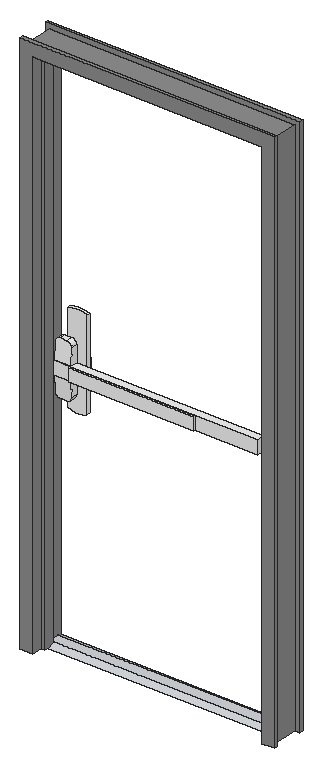
Revit family "Door-Exterior-Single-Two_Lite", category Doors, host Wall, Revit 2026
Family settings
  Host = Wall
  Always vertical = Yes
  Cut with Voids When Loaded = No
  Shared = No
  Room Calculation Point = No
Parameters (values of type "36" x 84"")
  pull side [instance] = PULL SIDE UPDATED : FRONT APPROACH
  pUSH SIDE [instance] = PUSH SIDE UPDATED : FRONT APPROACH - NEW BUILDINGS
  Visual Light Transmittance = 0
  Top Rail = 6"
  Threshold Offset [instance] = if(Threshold, 1/2", 0")  # 1/2"
  Threshold Material = none
  Threshold Length [instance] = if(Masonry Frame, Width + 4", Width)  # 36"
  Thickness = 1 3/4"
  Thermal Resistance (R) = 1.3794 (h·ft²·°F)/BTU
  Swing Angle [instance] = 90.00°
  Strike Height = 40"
  Stiles = 6"
  Solar Heat Gain Coefficient = 0
  Rough Width [instance] = Width + MFOpeningWidth  # 38 1/2"
  Rough Height [instance] = Height + MFOpeningHeight  # 85 1/4"
  Panic Bar Material = Metal - Stainless Steel
  Panel Material = Metal - Painted - Grey
  Masonry Frame [instance] = no
  MFOpeningHeight [instance] = if(Masonry Frame, 4", 1 1/4")  # 1 1/4"
  MFOpeningWidth [instance] = if(Masonry Frame, 4", 2 1/2")  # 2 1/2"
  Lock Rail = 7 1/2"
  Latch [instance] = no
  Interior Hardware [instance] = Panic Bar : Standard
  Heat Transfer Coefficient (U) = 0.7250 BTU/(h·ft²·°F)
  Glass Thickness = 3/4"
  Glass Stop Material = Metal - Painted - Grey
  Function = Exterior
  Exterior Pull Material = Metal - Stainless Steel
  Inset Calculate [instance] = if(Masonry Frame, Masonry Inset + 3", 3")  # 3"
  Masonry Inset [instance] = 1"
  Height = 84"
  Wall Closure = By host
  Width = 36"
  Frame Material = Metal - Painted - Grey
  Masonry Frame Depth = 5 3/4"
  Threshold [instance] = yes
  Exterior Hardware [instance] = Exterior Pull : With Lock
  Dry Wall Frame [instance] = not(Masonry Frame)  # yes
  Define Thermal Properties by = Schematic Type
  Closer [instance] = no
  Clearances [instance] = yes
  Bottom Rail = 10"
  Analytic Construction = "Metal frame, double glass door"
Reference planes (in)
  plane 1 "Center (Front/Back)": y = 0
  plane 2 "Center (Left/Right)": x = 0
  plane 3 "Left": x = -19.25
  plane 4 "Right": x = 19.25
  plane 5 "Top": z = 85.25
  plane 6 "Exterior": y = 2.5
  plane 7 "Interior": y = -2
  plane 8 "Door Panel Right": x = -18
  plane 9 "Door Panel Left": x = 18
  plane 10 "Top Of Panel": z = 84
  plane 11: z = 0
  plane 12 "Door Back": y = 0.75
  plane 13: z = 40
  plane 14 "Door Front": y = 2.5
  plane 15: y = -3.25
  plane 16: y = 0.5625
  plane 17: x = -17.375
  plane 18: y = -1.3125
  plane 19: z = 83.25
  plane 20: y = 5.5
  plane 21: z = 86
  plane 22: x = 18
  plane 23: x = 20
  plane 24: y = 3
  plane 25: y = -2.5
  plane 26: x = 17.375
  plane 27: y = 0.5625
  plane 28: y = -0.9375
  plane 29: z = 78
  plane 30: z = 43.75
  plane 31: x = -12
  plane 32: x = 12
  plane 33: z = 36.25
  plane 34: z = 10
  plane 35: y = 1.25
  plane 36: y = 2
  plane 37 "Glass": y = 1.625
  plane 38: z = 0.5
  plane 39: x = -15
  plane 40: z = 42.25
Forms (in)
  Sweep 1, solid, material "Metal - Painted - Grey" <- "Frame Material", visible <- "Masonry Frame"
    path origin (0, 2.5, 0) x (1, 0, 0) y (0, 0, 1)
      loop
        line (19.25, 0) -> (19.25, 86) -> (-19.25, 86) -> (-19.25, 0)
    profile origin (-19.25, 2.5, 43) x (0, -1, 0) y (1, 0, 0)
      loop
        line (0, 1.25) -> (0, 0) -> (5.75, 0) -> (5.75, 1.25) -> (3.8125, 1.25) -> (3.8125, 1.875) -> (1.9375, 1.875) -> (1.9375, 1.25) -> (0, 1.25)
  Extrusion 2, solid, material "Metal - Painted - Grey" <- "Frame Material", visible <- "Masonry Frame"
    sketch origin (0, 0, 0) x (0, 1, 0) y (0, 0, 1)
      loop
        line (2.5, 85.25) -> (-3.25, 85.25) -> (-3.25, 83.25) -> (2.5, 83.25) -> (2.5, 85.25)
    from -19.25 to 19.25
  Sweep 3, solid, material "Metal - Painted - Grey" <- "Frame Material", visible <- "Dry Wall Frame"
    path origin (0, 2.5, 0) x (1, 0, 0) y (0, 0, 1)
      loop
        line (19.25, 0) -> (19.25, 85.25) -> (-19.25, 85.25) -> (-19.25, 0)
    profile origin (19.25, 2.5, 42.625) x (-1, 0, 0) y (0, -1, 0)
      loop
        line (-0.75, -0.5) -> (1.25, -0.5) -> (1.25, 1.9375) -> (1.875, 1.9375) -> (1.875, 3.4375) -> (1.25, 3.4375) -> (1.25, 5) -> (-0.75, 5) -> (-0.75, 4.5) -> (0, 4.5) -> (0, 0) -> (-0.75, 0) -> (-0.75, -0.5)
Cuts and joins
  joined: Sweep 1, Extrusion 2
Lines and regions (in)
  Opening 1
    outline origin (-90, -2, 0) x (1, 0, 0) y (0, 0, 1)
      loop
        line (70.75, 0) -> (109.25, 0) -> (109.25, 85.25) -> (70.75, 85.25) -> (70.75, 0)
  Masking region 1, visible <- "Masonry Frame", detail levels coarse+medium
    outline origin (0, 0, 0) x (1, 0, 0) y (0, 1, 0)
      loop
        line (-19.25, 2.5) -> (-19.25, -3.25) -> (-18, -3.25) -> (-18, 2.5) -> (-19.25, 2.5)
      loop
        line (19.25, 2.5) -> (18, 2.5) -> (18, -3.25) -> (19.25, -3.25) -> (19.25, 2.5)
  Masking region 2, visible <- "Masonry Frame", detail levels fine
    outline origin (0, 0, 0) x (1, 0, 0) y (0, 1, 0)
      loop
        line (-19.25, 2.5) -> (-19.25, -3.25) -> (-18, -3.25) -> (-18, -1.3125) -> (-17.375, -1.3125) -> (-17.375, 0.5625) -> (-18, 0.5625) -> (-18, 2.5) -> (-19.25, 2.5)
      loop
        line (19.25, 2.5) -> (18, 2.5) -> (18, 0.5625) -> (17.375, 0.5625) -> (17.375, -1.3125) -> (18, -1.3125) -> (18, -3.25) -> (19.25, -3.25) -> (19.25, 2.5)
  Masking region 3, visible <- "Dry Wall Frame", detail levels coarse+medium
    outline origin (0, 0, 0) x (1, 0, 0) y (0, 1, 0)
      loop
        line (18, -2) -> (19.25, -2) -> (19.25, 2.5) -> (18, 2.5) -> (18, -2)
      loop
        line (-19.25, 2.5) -> (-19.25, -2) -> (-18, -2) -> (-18, 2.5) -> (-19.25, 2.5)
  Masking region 4, visible <- "Dry Wall Frame", detail levels fine
    outline origin (0, 0, 0) x (1, 0, 0) y (0, 1, 0)
      loop
        line (-20, 3) -> (-20, 2.5) -> (-19.25, 2.5) -> (-19.25, -2) -> (-20, -2) -> (-20, -2.5) -> (-18, -2.5) -> (-18, -0.9375) -> (-17.375, -0.9375) -> (-17.375, 0.5625) -> (-18, 0.5625) -> (-18, 3) -> (-20, 3)
      loop
        line (20, 2.5) -> (20, 3) -> (18, 3) -> (18, 0.5625) -> (17.375, 0.5625) -> (17.375, -0.9375) -> (18, -0.9375) -> (18, -2.5) -> (20, -2.5) -> (20, -2) -> (19.25, -2) -> (19.25, 2.5) -> (20, 2.5)
  symbolic lines, style "Elevation Swing"
    curve 1: line (-18, 2.5, 84) -> (18, 2.5, 42.25)
    curve 2: line (-18, 2.5, 0.5) -> (18, 2.5, 42.25)
  symbolic lines, style "DoorsGlassProjection"
    curve 3: line (0, 1.625, 78) -> (0, 1.625, 43.75)
    curve 4: line (0, 1.625, 36.25) -> (0, 1.625, 10)
Text (in)
  text "Exterior" at (-74.96733, 27.31104, 0), in view "Ref. Level"
  text "Interior" at (-74.96733, -25.14366, 0), in view "Ref. Level"
  text "Exterior" at (0, 40.15149, 123.01588), in view "Right"
  text "Interior" at (0, -64.39139, 123.01588), in view "Right"
  text "Interior" at (0, -31.01599, 123.00693), in view "Left"
  text "Exterior" at (0, 54.57065, 123.00693), in view "Left"
Dimensions and locks (in)
  equal spacing: plane 3 "Left", plane 2 "Center (Left/Right)", plane 4 "Right"
  "Rough Height": level to plane 5 "Top"
  equal spacing: plane 8 "Door Panel Right", plane 2 "Center (Left/Right)", plane 9 "Door Panel Left"
  "Width": plane 8 "Door Panel Right" to plane 9 "Door Panel Left"
  "Height": level to plane 10 "Top Of Panel"
  "Rough Width": plane 3 "Left" to plane 4 "Right"
  "Thickness": plane 14 "Door Front" to plane 12 "Door Back"
  "Masonry Frame Depth": plane 14 "Door Front" to plane 15
  locked: plane 12 "Door Back" to plane 16 at 0.1875
  locked: plane 15 to plane 18 at 1.9375
  locked: plane 8 "Door Panel Right" to plane 17 at 0.625
  locked: plane 19 to plane 5 "Top" at 2
  locked: plane 6 "Exterior" to plane 20 at 3
  "Inset Calculate": plane 20 to plane 14 "Door Front"
  locked: plane 10 "Top Of Panel" to plane 21 at 2
  locked: plane 4 "Right" to plane 23 at 0.75
  locked: plane 6 "Exterior" to plane 24 at 0.5
  locked: plane 25 to plane 7 "Interior" at 0.5
  locked: plane 22 to plane 23 at 2
  plane 12 "Door Back" to plane 27 to plane 28 = 3/16" locked, 1 1/2" locked
  locked: plane 26 to plane 22 at 0.625
  "Strike Height": plane 11 to plane 13
  "Top Rail": plane 29 to plane 10 "Top Of Panel"
  "Stiles": plane 8 "Door Panel Right" to plane 31
  "Stiles": plane 32 to plane 9 "Door Panel Left"
  "Lock Rail": plane 33 to plane 30
  equal spacing: plane 33, plane 13, plane 30
  "Bottom Rail": plane 11 to plane 34
  equal spacing: plane 14 "Door Front", plane 37 "Glass", plane 12 "Door Back"
  plane 36 to plane 37 "Glass" to plane 35 = 3/8" locked, 3/8" locked
  "Threshold Offset": plane 11 to plane 38
  locked: plane 8 "Door Panel Right" to plane 39 at 3
  equal spacing: plane 10 "Top Of Panel", plane 40, plane 38
  aligned and locked: plane 3 "Left" to Opening 1 sketch curve
  aligned and locked: plane 5 "Top" to Opening 1 sketch curve  (x2)
  aligned and locked: Opening 1 sketch curve to plane 4 "Right"
  aligned and locked: Opening 1 sketch curve to level
  aligned and locked: plane 6 "Exterior" to host wall
  aligned and locked: plane 7 "Interior" to host wall
  aligned and locked: plane 11 to level
  aligned and locked: nested 1 to plane 9 "Door Panel Left"
  aligned and locked: nested 1 to plane 14 "Door Front"
  aligned and locked: Sweep 1 sketch curve to plane 3 "Left"  (x2)
  aligned and locked: plane 11 to Sweep 1 sketch curve  (x2)
  aligned and locked: plane 17 to Sweep 1 sketch curve
  aligned and locked: plane 8 "Door Panel Right" to Sweep 1 sketch curve  (x2)
  aligned and locked: plane 16 to Sweep 1 sketch curve
  aligned and locked: Sweep 1 sketch curve to plane 18
  aligned and locked: Sweep 1 sketch curve to plane 15
  aligned and locked: Sweep 1 sketch curve to plane 14 "Door Front"
  aligned and locked: Sweep 1 sketch curve to plane 4 "Right"
  aligned and locked: plane 5 "Top" to Extrusion 2 sketch curve
  aligned and locked: Extrusion 2 sketch curve to plane 15
  aligned and locked: Extrusion 2 sketch curve to plane 14 "Door Front"
  aligned and locked: plane 19 to Extrusion 2 sketch curve
  aligned and locked: cut or joined group of Sweep 1, Extrusion 2 to plane 4 "Right"
  aligned and locked: plane 3 "Left" to cut or joined group of Sweep 1, Extrusion 2
  aligned and locked: Masking region 1 sketch curve to plane 14 "Door Front"
  aligned and locked: plane 8 "Door Panel Right" to Masking region 1 sketch curve
  aligned and locked: Masking region 1 sketch curve to plane 15
  aligned and locked: Masking region 1 sketch curve to plane 3 "Left"
  aligned and locked: plane 14 "Door Front" to Masking region 1 sketch curve
  aligned and locked: Masking region 1 sketch curve to plane 4 "Right"
  aligned and locked: plane 9 "Door Panel Left" to Masking region 1 sketch curve
  aligned and locked: plane 15 to Masking region 1 sketch curve
  aligned and locked: Masking region 2 sketch curve to plane 3 "Left"
  aligned and locked: Masking region 2 sketch curve to plane 15
  aligned and locked: plane 8 "Door Panel Right" to Masking region 2 sketch curve  (x2)
  aligned and locked: Masking region 2 sketch curve to plane 14 "Door Front"
  aligned and locked: Masking region 2 sketch curve to cut or joined group of Sweep 1, Extrusion 2  (x4)
  aligned and locked: plane 14 "Door Front" to Masking region 2 sketch curve
  aligned and locked: Masking region 2 sketch curve to plane 4 "Right"
  aligned and locked: plane 9 "Door Panel Left" to Masking region 2 sketch curve  (x2)
  aligned and locked: plane 15 to Masking region 2 sketch curve
  aligned and locked: cut or joined group of Sweep 1, Extrusion 2 to Masking region 2 sketch curve  (x2)
  aligned and locked: plane 21 to Sweep 1 sketch curve
  aligned and locked: plane 4 "Right" to Sweep 3 sketch curve
  aligned and locked: Sweep 3 sketch curve to plane 3 "Left"
  aligned and locked: plane 23 to Sweep 3 sketch curve  (x2)
  aligned and locked: Sweep 3 sketch curve to plane 7 "Interior"
  aligned and locked: Sweep 3 sketch curve to plane 25
  aligned and locked: Sweep 3 sketch curve to plane 22  (x2)
  aligned and locked: Sweep 3 sketch curve to plane 28
  aligned and locked: plane 26 to Sweep 3 sketch curve
  aligned and locked: plane 27 to Sweep 3 sketch curve
  aligned and locked: Sweep 3 sketch curve to plane 24
  aligned and locked: plane 6 "Exterior" to Sweep 3 sketch curve
  aligned and locked: Sweep 3 sketch curve to plane 4 "Right"
  aligned and locked: plane 5 "Top" to Sweep 3 sketch curve
  aligned and locked: Masking region 3 sketch curve to plane 6 "Exterior"
  aligned and locked: plane 7 "Interior" to Masking region 3 sketch curve
  aligned and locked: Masking region 3 sketch curve to plane 4 "Right"
  aligned and locked: Masking region 3 sketch curve to Sweep 3  (x2)
  aligned and locked: plane 6 "Exterior" to Masking region 3 sketch curve
  aligned and locked: Masking region 3 sketch curve to plane 3 "Left"
  aligned and locked: Masking region 3 sketch curve to plane 7 "Interior"
  aligned and locked: Masking region 4 sketch curve to plane 3 "Left"
  aligned and locked: Masking region 4 sketch curve to Sweep 3  (x13)
  aligned and locked: Masking region 4 sketch curve to plane 6 "Exterior"
  aligned and locked: plane 7 "Interior" to Masking region 4 sketch curve
  aligned and locked: Masking region 4 sketch curve to plane 4 "Right"
  aligned and locked: Masking region 4 sketch curve to plane 7 "Interior"
  aligned and locked: Sweep 3 to Masking region 4 sketch curve  (x5)
  aligned and locked: plane 6 "Exterior" to Masking region 4 sketch curve
  aligned and locked: plane 11 to Sweep 3 sketch curve  (x2)
  aligned and locked: plane 13 to nested 2
  aligned and locked: nested 2 to plane 39
  aligned and locked: nested 2 to plane 14 "Door Front"
  aligned and locked: plane 13 to nested 3
  aligned and locked: nested 3 to plane 12 "Door Back"
  aligned and locked: nested 3 to plane 39
  aligned and locked: plane 40 to curve 1
  aligned and locked: plane 8 "Door Panel Right" to curve 2
  aligned and locked: plane 38 to curve 2
  aligned and locked: curve 3 to plane 37 "Glass"
  aligned and locked: plane 30 to curve 3
  aligned and locked: plane 29 to curve 3
  aligned and locked: plane 34 to curve 4
  aligned and locked: plane 33 to curve 4
  aligned and locked: plane 37 "Glass" to curve 4
  aligned and locked: plane 37 "Glass" to nested 4
  aligned and locked: nested 5 to plane 9 "Door Panel Left"
  aligned and locked: plane 6 "Exterior" to nested 5
  aligned and locked: plane 7 "Interior" to nested 6
  aligned and locked: nested 6 to plane 9 "Door Panel Left"
Automatic sketch dimensions
  plane 8 "Door Panel Right" to curve 1 = 0"
  curve 1 to plane 10 "Top Of Panel" = 0"
  plane 9 "Door Panel Left" to curve 2 = 0"
Nested families (in)
  nested 1: "Door Swing-Single" at (18, 2.5, 0), Swing Angle <- "Swing Angle", type "Single"
    with Swing Visible yes, Swing Angle 90.00°, Actual Angle 90.00°, Width 36", Thickness 1 3/4"
  nested 2: "Exterior Pull" at (-15, 2.5, 40), type <- "Exterior Hardware", type "With Lock", detail levels fine
  nested 3: "Panic Bar" at (-13.75, 0.75, 40), type <- "Interior Hardware", type "Standard", detail levels fine
  nested 4: "Threshold" at (0, 1.625, 0) x (0, 1, 0) z (0, 0, 1), visible <- "Threshold", type "Threshold"
    with Threshold Length 36", Panel Width 1 3/4"
  nested 5: "PULL SIDE UPDATED" at (18, 2.5, 0), type <- "pull side", Door Width <- "Width", Closer <- "Closer", visible <- "Clearances", type "FRONT APPROACH"
    with Door Width 36", Closer no, Clearance Depth (Applied) 60"
  nested 6: "PUSH SIDE UPDATED" at (18, -2, 0), Door Width <- "Width", type <- "pUSH SIDE", Closer <- "Closer", Latch <- "Latch", visible <- "Clearances", type "FRONT APPROACH - NEW BUILDINGS"
    with Latch no, Door Width 36", Closer no, Clearance Extension (Applied) 12", Clearance Depth (Applied) 52"
Definition of nested family "Exterior Pull"
  Parameters (values of type "With Lock")
    Width = 3"
    Thickness = 1/2"
    Material = none
    Lock = yes
    Height = 14"
    Analytic Construction = "<None>"
  Types (2): name | Lock
    With Lock | yes
    Without Lock | no
  Reference planes (in)
    plane 1 "Center (Front/Back)": y = 0
    plane 2: z = 0
    plane 3 "Center (Left/Right)": x = 0
    plane 4: z = -7
    plane 5: z = 7
    plane 6: x = 1.5
    plane 7: x = -1.5
    plane 8: z = 4
    plane 9: y = -0.25
    plane 10: y = 0.33333
    plane 11: y = 0.5
    plane 12: y = 0.84375
  Forms (in)
    Extrusion 1, solid, material <- "Material"
      sketch origin (0, 0, 0) x (1, 0, 0) y (0, 0, 1)
        loop
          line (1.5, -7) -> (1.5, 7)
          arc (1.5, 7) -> (0, 7.33604) -> (-1.5, 7) r 3.51581
          line (-1.5, 7) -> (-1.5, -7)
          arc (-1.5, -7) -> (0, -7.33604) -> (1.5, -7) r 3.51581
      from -0.5 to 0
    Extrusion 2, solid, material <- "Material", visible <- "Lock"
      sketch origin (0, 0, 0) x (1, 0, 0) y (0, 0, 1)
        loop
          circle (0, 4) r 0.74803
      from -0.84375 to -0.5
    Sweep 3, solid, material <- "Material"
      path origin (0, 0, 0) x (0, 1, 0) y (0, 0, 1)
        loop
          line (0.5, 0) -> (1.5, 0)
          arc (1.5, 0) -> (1.85355, -0.14645) -> (2, -0.5) r 0.5
          line (2, -0.5) -> (2, -4.5)
          arc (2, -4.5) -> (1.85355, -4.85355) -> (1.5, -5) r 0.5
          line (1.5, -5) -> (0.5, -5)
      profile origin (0, 1, 0) x (0, 0, 1) y (1, 0, 0)
        loop
          line (-0.04688, -0.3937) -> (0.04688, -0.3937)
          arc (0.04688, -0.3937) -> (0.14631, -0.35251) -> (0.1875, -0.25308) r 0.14063
          line (0.1875, -0.25308) -> (0.1875, 0.25308)
          arc (0.1875, 0.25308) -> (0.14631, 0.35251) -> (0.04688, 0.3937) r 0.14063
          line (0.04688, 0.3937) -> (-0.04689, 0.3937)
          arc (-0.04689, 0.3937) -> (-0.14632, 0.35252) -> (-0.1875, 0.25309) r 0.14061
          line (-0.1875, 0.25309) -> (-0.1875, -0.25308)
          arc (-0.1875, -0.25308) -> (-0.14631, -0.35251) -> (-0.04688, -0.3937) r 0.14063
  Dimensions and locks (in)
    equal spacing: plane 4, plane 2, plane 5
    "Height": plane 4 to plane 5
    equal spacing: plane 7, plane 3 "Center (Left/Right)", plane 6
    "Width": plane 7 to plane 6
    plane 8 to plane 5 = 3"
    plane 1 "Center (Front/Back)" to plane 9 = 1/4"
    "Thickness": plane 11 to plane 1 "Center (Front/Back)"
    locked: plane 12 to plane 11 at 0.34375
    aligned and locked: plane 2 to level
    aligned and locked: Extrusion 1 sketch curve to plane 6
    aligned and locked: Extrusion 1 sketch curve to plane 7
    aligned and locked: plane 11 to Extrusion 1
    aligned and locked: plane 1 "Center (Front/Back)" to Extrusion 1
    aligned and locked: Extrusion 2 to plane 12
    aligned and locked: Extrusion 2 to plane 11
  Automatic sketch dimensions
    Extrusion 1 sketch curve to plane 3 "Center (Left/Right)" = 0"  (x2)
    Extrusion 1 sketch curve to plane 5 = 0"
    plane 4 to Extrusion 1 sketch curve = 3.17977"
    plane 5 to Extrusion 1 sketch curve = 3.17977"
    Extrusion 1 sketch curve to plane 4 = 0"
    Sweep 3 sketch curve to level = 0"
    Sweep 3 sketch curve to plane 1 "Center (Front/Back)" = 1/2"  (x2)
    plane 10 to Sweep 3 sketch curve = 1.16667"  (x2)
    Sweep 3 sketch curve to Sweep 3 sketch curve = 1/2"
    plane 4 to Sweep 3 sketch curve = 2 1/2"
    profile plane to Sweep 3 sketch curve = 3/16"
    profile plane to Sweep 3 sketch curve = 3/64"  (x2)
    Sweep 3 sketch curve to profile plane = 3/64"  (x2)
    Sweep 3 sketch curve to Sweep 3 sketch curve = 9/64"
    Sweep 3 sketch curve to plane 3 "Center (Left/Right)" = 0.3937"
    plane 3 "Center (Left/Right)" to Sweep 3 sketch curve = 0.25308"
    Extrusion 2 sketch curve to plane 3 "Center (Left/Right)" = 0"
    Extrusion 2 sketch curve to plane 8 = 0"
    radius of Extrusion 2 sketch curve = 0.74803"
Definition of nested family "Panic Bar"
  Parameters (values of type "Standard")
    Width = 0"
    Thickness = 0"
    Material = none
    Door Panel Width = 36"
    Overall Length = Door Panel Width - 4"  # 32"
    Height = 0"
    Analytic Construction = "<None>"
  Reference planes (in)
    plane 1 "Center (Front/Back)": y = 0
    plane 2: z = 0
    plane 3 "Center (Left/Right)": x = 0
    plane 4: x = 29.5
    plane 5: x = -2.5
    plane 6: z = 4.25
    plane 7: z = 1
    plane 8: z = -1
    plane 9: x = 19.66667
    plane 10: y = -1.25
    plane 11: y = -1.12499
    plane 12: z = -4.25
    plane 13: y = -1.5
    plane 14: x = 9.83333
    plane 15: x = -1.25
  Forms (in)
    Extrusion 1, solid, material <- "Material"
      sketch origin (0, 0, 0) x (1, 0, 0) y (0, 0, 1)
        loop
          line (-1.75, -4.25) -> (-0.75, -4.25)
          arc (-0.75, -4.25) -> (-0.21967, -4.03033) -> (0, -3.5) r 0.75
          line (0, -3.5) -> (0, 3.5)
          arc (0, 3.5) -> (-0.21967, 4.03033) -> (-0.75, 4.25) r 0.75
          line (-0.75, 4.25) -> (-1.75, 4.25)
          arc (-1.75, 4.25) -> (-2.28033, 4.03033) -> (-2.5, 3.5) r 0.75
          line (-2.5, 3.5) -> (-2.5, -3.5)
          arc (-2.5, -3.5) -> (-2.28033, -4.03033) -> (-1.75, -4.25) r 0.75
      from 0 to 1.12499
    Extrusion 2, solid, material <- "Material"
      sketch origin (0, 0, 0) x (1, 0, 0) y (0, 0, 1)
        loop
          line (-2.5, 1) -> (-2.5, -1) -> (29.5, -1) -> (29.5, 1) -> (-2.5, 1)
      from 0 to 1.25
    Extrusion 3, solid, material <- "Material"
      sketch origin (0, 0, 0) x (1, 0, 0) y (0, 0, 1)
        loop
          line (0, 1) -> (0, -1) -> (19.66667, -1) -> (19.66667, 1) -> (0, 1)
      from 1.25 to 1.5
    Extrusion 4, void
      sketch origin (0, 0, 0) x (0, 1, 0) y (0, 0, 1)
        loop
          line (-1.5, 4.25) -> (-1.5, 1) -> (-1.12499, 1) -> (-0.86856, 4.25) -> (-1.5, 4.25)
        loop
          line (-1.5, -4.25) -> (-0.86856, -4.25) -> (-1.12499, -1) -> (-1.5, -1) -> (-1.5, -4.25)
      from -2.5 to 0
  Cuts and joins
    Extrusion 4 cuts Extrusion 1
    Extrusion 4 cuts Extrusion 2
    joined: Extrusion 1, Extrusion 2
    Extrusion 4 cuts Extrusion 3
  Dimensions and locks (in)
    equal spacing: plane 6, plane 2, plane 12
    locked: plane 6 to plane 12 at 8.5
    plane 1 "Center (Front/Back)" to plane 10 = 1 1/4"
    "Overall Length": plane 5 to plane 4
    plane 7 to plane 8 = 2"
    equal spacing: plane 7, level, plane 8
    plane 11 to plane 1 "Center (Front/Back)" = 1 1/8"
    locked: plane 13 to plane 10 at 0.25
    equal spacing: plane 4, plane 9, plane 14, plane 3 "Center (Left/Right)"
    locked: plane 3 "Center (Left/Right)" to plane 5 at 2.5
    equal spacing: plane 3 "Center (Left/Right)", plane 15, plane 5
    radius of Extrusion 1 sketch curve = 3/4"  (x4)
    aligned and locked: plane 2 to level
    aligned and locked: plane 4 to cut or joined group of Extrusion 1, Extrusion 2, Extrusion 4
    aligned and locked: plane 13 to Extrusion 3
    aligned and locked: Extrusion 1 to plane 1 "Center (Front/Back)"
    aligned and locked: Extrusion 2 to plane 1 "Center (Front/Back)"
    aligned and locked: cut or joined group of Extrusion 1, Extrusion 2, Extrusion 4 to plane 11
    aligned and locked: Extrusion 3 to plane 10
    aligned and locked: plane 10 to cut or joined group of Extrusion 1, Extrusion 2, Extrusion 4
    aligned and locked: plane 5 to Extrusion 2 sketch curve
    aligned and locked: Extrusion 4 to Extrusion 3
    aligned and locked: Extrusion 4 to plane 5
    aligned and locked: cut or joined group of Extrusion 3, Extrusion 4 to plane 3 "Center (Left/Right)"
  Automatic sketch dimensions
    Extrusion 3 sketch curve to plane 8 = 0"
    Extrusion 3 sketch curve to plane 7 = 0"
    Extrusion 3 sketch curve to plane 9 = 0"
    Extrusion 1 sketch curve to plane 5 = 0"
    Extrusion 1 sketch curve to plane 6 = 0"
    Extrusion 1 sketch curve to plane 12 = 0"
    Extrusion 1 sketch curve to plane 3 "Center (Left/Right)" = 3/4"
    Extrusion 2 sketch curve to plane 4 = 0"
    Extrusion 2 sketch curve to plane 8 = 0"
    Extrusion 2 sketch curve to plane 7 = 0"
    Extrusion 4 sketch curve to plane 6 = 0"
    Extrusion 4 sketch curve to plane 13 = 0"  (x2)
    plane 8 to Extrusion 4 sketch curve = 0"
    Extrusion 4 sketch curve to plane 7 = 0"
    Extrusion 4 sketch curve to plane 11 = 0"  (x2)
    plane 12 to Extrusion 4 sketch curve = 0"
    Extrusion 4 sketch curve to plane 11 = 0.25643"  (x2)
    plane 3 "Center (Left/Right)" to Extrusion 3 sketch curve = 0"
Definition of nested family "Threshold"
  Parameters (values of type "Threshold")
    Threshold Length = 72"
    Threshold Height = 1/2"
    Panel Width = 2"
    Material = none
    Analytic Construction = "<None>"
  Reference planes (in)
    plane 1 "Center (Front/Back)": y = 0
    plane 2: z = 0
    plane 3 "Center (Left/Right)": x = 0
    plane 4: x = -2
    plane 5: x = 2
    plane 6: z = 0.5
    plane 7: x = -1
    plane 8: x = 1
    plane 9: y = 36
    plane 10: y = -36
  Forms (in)
    Extrusion 1, solid, material <- "Material"
      sketch origin (0, 0, 0) x (1, 0, 0) y (0, 0, 1)
        loop
          line (-2, 0) -> (2, 0) -> (1, 0.5) -> (-1, 0.5) -> (-2, 0)
      from -36 to 36
  Dimensions and locks (in)
    "Threshold Height": plane 6 to plane 2
    equal spacing: plane 8, plane 3 "Center (Left/Right)", plane 7
    "Panel Width": plane 8 to plane 7
    equal spacing: plane 9, plane 1 "Center (Front/Back)", plane 10
    "Threshold Length": plane 9 to plane 10
    locked: plane 7 to plane 4 at 1
    locked: plane 8 to plane 5 at 1
    aligned and locked: plane 2 to level
    aligned and locked: Extrusion 1 sketch curve to plane 6
    aligned and locked: Extrusion 1 sketch curve to plane 2
    aligned and locked: plane 5 to Extrusion 1 sketch curve
    aligned and locked: plane 7 to Extrusion 1 sketch curve
    aligned and locked: plane 8 to Extrusion 1 sketch curve
    aligned and locked: plane 9 to Extrusion 1
    aligned and locked: plane 10 to Extrusion 1
  Automatic sketch dimensions
    Extrusion 1 sketch curve to plane 4 = 0"
Definition of nested family "Door Swing-Single"
  Parameters
    Width = 32"
    Thickness = 1 3/8"
    Swing Visible [instance] = Swing Angle > 1.00°  # yes
    Swing Angle [instance] = 45.00°
    Actual Angle [instance] = if(Swing Angle < 1.00°, 1.00°, Swing Angle)  # 45.00°
  Reference planes (in)
    plane 1 "Center (Front/Back)": y = 0
    plane 2: z = 0
    plane 3 "Center (Left/Right)": x = 0
    plane 4: x = -32
  Lines and regions (in)
    Masking region 1
      outline origin (0, 0, 0) x (-0.707107, 0.707107, 0) y (-0.707107, -0.707107, 0)
        loop
          line (0, 0) -> (32, 0) -> (32, 1.375) -> (0, 1.375) -> (0, 0)
    symbolic lines
      curve 1: line (0, 0, 0) -> (-32, 0, 0)
    symbolic lines, visible <- "Swing Visible"
      curve 2: arc (-32, 0, 0) -> (-29.56415, 12.24587, 0) -> (-22.62742, 22.62742, 0) r 32
    reference lines
      curve 3: line (0, 0, 0) -> (-22.62742, 22.62742, 0)
    model lines
      curve 4: line (0, 0, 0) -> (0, 0, 1)
  Dimensions and locks (in)
    "Width": plane 4 to plane 3 "Center (Left/Right)"
    locked: curve 2 to plane 3 "Center (Left/Right)"
    locked: curve 2 to plane 1 "Center (Front/Back)"
    "Width": curve 3 to curve 3
    "Thickness": Masking region 1 sketch curve to Masking region 1 sketch curve
    locked: curve 4 to plane 2 at 1
    "Width": radius of curve 2
    "Actual Angle": angle curve 2 to curve 2
    "Swing Angle": angle curve 3 to plane 1 "Center (Front/Back)"
    aligned and locked: curve 1 to plane 1 "Center (Front/Back)"
    aligned and locked: plane 3 "Center (Left/Right)" to curve 1
    aligned and locked: plane 3 "Center (Left/Right)" to curve 3
    aligned and locked: plane 1 "Center (Front/Back)" to curve 3
    aligned and locked: curve 3 to Masking region 1 sketch curve
    aligned and locked: Masking region 1 sketch curve to curve 3  (x2)
    aligned and locked: plane 3 "Center (Left/Right)" to curve 4
    aligned and locked: plane 2 to curve 4
Definition of nested family "PULL SIDE UPDATED"
  Parameters (values of type "FRONT APPROACH")
    Type = 1
    Door Width [instance] = 36"
    Closer [instance] = yes
    Clearance Extension = 18"
    Clearance Depth (Applied) [instance] = if(and(Type = 7, Closer), 54", Clearance Depth)  # 60"
    Clearance Depth = 60"
    Arrow Rotation = 0.00°
  Types (5): name | Type | Closer | Clearance Extension | Clearance Depth (Applied) | Clearance Depth | Arrow Rotation
    (no name) | 1 | yes | 18" | 60" | 60" | 0.00°
    FRONT APPROACH | 1 | yes | 18" | 60" | 60" | 0.00°
    HINGE APPROACH 1 | 4 | yes | 36" | 60" | 60" | 90.00°
    HINGE APPROACH 2 | 5 | yes | 42" | 54" | 54" | 90.00°
    LATCH APPROACH | 7 | no | 24" | 48" | 48" | -90.00°
  Reference planes (in)
    plane 1 "Center (Front/Back)": y = 0
    plane 2: z = 0
    plane 3 "Center (Left/Right)": x = 0
    plane 4: y = 60
    plane 5: x = -36
    plane 6: x = -54
  Lines and regions (in)
    detail lines, in view "Ref. Level"
      curve 1: line (0, 0, 0) -> (0, 60, 0)
      curve 2: line (0, 60, 0) -> (-54, 60, 0)
      curve 3: line (-54, 60, 0) -> (-54, 0, 0)
  Dimensions and locks (in)
    "Door Width": plane 5 to plane 3 "Center (Left/Right)"
    "Clearance Depth (Applied)": plane 1 "Center (Front/Back)" to plane 4
    "Clearance Extension": plane 6 to plane 5
    locked: plane 4 to nested 1 at 6
    locked: plane 6 to nested 1 at 6
    aligned and locked: curve 3 to plane 6
    aligned and locked: curve 2 to plane 4
    aligned and locked: plane 3 "Center (Left/Right)" to curve 1
  Automatic sketch dimensions
    plane 1 "Center (Front/Back)" to curve 3 = 0"
    plane 1 "Center (Front/Back)" to curve 1 = 0"
  Nested families (in)
    nested 1: "Approach Arrow" at (-48, 54, 0) x (-1, 0, 0) z (0, 0, 1), Arrow Rotation <- "Arrow Rotation", type "Family3", in view "Ref. Level"
      with Arrow Rotation 0.00°
  Definition of nested family "Approach Arrow"
    Parameters (values of type "Family3")
      Arrow Rotation [instance] = 0.00°
    Reference planes (in)
      plane 1 "Center (Front/Back)": y = 0
      plane 2: z = 0
      plane 3 "Center (Left/Right)": x = 0
    Lines and regions (in)
      detail lines, in view "Ref. Level"
        curve 1: line (0, -2.5, 0) -> (0, 2.5, 0)
        curve 2: line (0, 2.5, 0) -> (1.76777, 0.73223, 0)
        curve 3: line (0, 2.5, 0) -> (-1.76777, 0.73223, 0)
      detail lines, in view "Ref. Level", not visible
        curve 4: line (1.76777, 1.76777, 0) -> (-1.76777, -1.76777, 0)
        curve 5: line (-1.76777, -1.76777, 0) -> (-1.76777, 0.73223, 0)
        curve 6: line (-1.76777, -1.76777, 0) -> (0.73223, -1.76777, 0)
    Dimensions and locks (in)
      locked: curve 3 to curve 1 (angle 45.00°)
      locked: curve 1 to curve 2 (angle 45.00°)
      locked: curve 6 to curve 4 (angle 45.00°)
      locked: curve 4 to curve 5 (angle 45.00°)
      "Arrow Rotation": angle curve 1 to plane 3 "Center (Left/Right)"
Definition of nested family "PUSH SIDE UPDATED"
  Parameters (values of type "HINGE APPROACH")
    Type = 5
    Rear Extension = 22"
    Latch [instance] = yes
    Door Width [instance] = 36"
    Closer [instance] = yes
    Clearance Extension (Applied) [instance] = if(and(or(Type = 2, Type = 3), and(Closer, Latch)), 12", Clearance Extension)  # 0"
    Clearance Extension = 0"
    Clearance Depth (Applied) [instance] = if(and(Type = 5, and(Closer, Latch)), 48", Clearance Depth)  # 48"
    Clearance Depth = 42"
    Arrow Rotation = 90.00°
  Types (5): name | Type | Rear Extension | Clearance Extension (Applied) | Clearance Extension | Clearance Depth (Applied) | Clearance Depth | Arrow Rotation
    (no name) | 5 | 22" | 0" | 0" | 48" | 42" | 90.00°
    FRONT APPROACH - NEW BUILDINGS | 2 | 0" | 12" | 12" | 52" | 52" | 180.00°
    FRONT APPROACH - EXISTING BUILDINGS | 3 | 0" | 12" | 0" | 48" | 48" | 180.00°
    HINGE APPROACH | 5 | 22" | 0" | 0" | 48" | 42" | 90.00°
    LATCH APPROACH | 8 | 0" | 24" | 24" | 42" | 42" | 180.00°
  Reference planes (in)
    plane 1 "Center (Front/Back)": y = 0
    plane 2: z = 0
    plane 3 "Center (Left/Right)": x = 0
    plane 4: x = -36
    plane 5: x = -36
    plane 6: y = -48
    plane 7: x = 22
  Lines and regions (in)
    detail lines, in view "Ref. Level"
      curve 1: line (-36, 0, 0) -> (-36, -48, 0)
      curve 2: line (22, -48, 0) -> (-36, -48, 0)
      curve 3: line (22, 0, 0) -> (22, -48, 0)
  Dimensions and locks (in)
    "Door Width": plane 4 to plane 3 "Center (Left/Right)"
    "Clearance Extension (Applied)": plane 5 to plane 4
    "Clearance Depth (Applied)": plane 6 to plane 1 "Center (Front/Back)"
    locked: nested 1 to plane 6 at 6
    locked: plane 5 to nested 1 at 6
    "Rear Extension": plane 3 "Center (Left/Right)" to plane 7
    aligned and locked: plane 6 to curve 2
    aligned and locked: curve 1 to plane 5
    aligned and locked: curve 3 to plane 7
  Automatic sketch dimensions
    plane 1 "Center (Front/Back)" to curve 3 = 0"
    plane 1 "Center (Front/Back)" to curve 1 = 0"
  Nested families (in)
    nested 1: "Approach Arrow" at (-30, -42, 0) x (-1, 0, 0) z (0, 0, 1), Arrow Rotation <- "Arrow Rotation", type "Family3", in view "Ref. Level"
      with Arrow Rotation 90.00°
  Definition of nested family "Approach Arrow"
    Parameters (values of type "Family3")
      Arrow Rotation [instance] = 0.00°
    Reference planes (in)
      plane 1 "Center (Front/Back)": y = 0
      plane 2: z = 0
      plane 3 "Center (Left/Right)": x = 0
    Lines and regions (in)
      detail lines, in view "Ref. Level"
        curve 1: line (0, -2.5, 0) -> (0, 2.5, 0)
        curve 2: line (0, 2.5, 0) -> (1.76777, 0.73223, 0)
        curve 3: line (0, 2.5, 0) -> (-1.76777, 0.73223, 0)
      detail lines, in view "Ref. Level", not visible
        curve 4: line (1.76777, 1.76777, 0) -> (-1.76777, -1.76777, 0)
        curve 5: line (-1.76777, -1.76777, 0) -> (-1.76777, 0.73223, 0)
        curve 6: line (-1.76777, -1.76777, 0) -> (0.73223, -1.76777, 0)
    Dimensions and locks (in)
      locked: curve 3 to curve 1 (angle 45.00°)
      locked: curve 1 to curve 2 (angle 45.00°)
      locked: curve 6 to curve 4 (angle 45.00°)
      locked: curve 4 to curve 5 (angle 45.00°)
      "Arrow Rotation": angle curve 1 to plane 3 "Center (Left/Right)"
